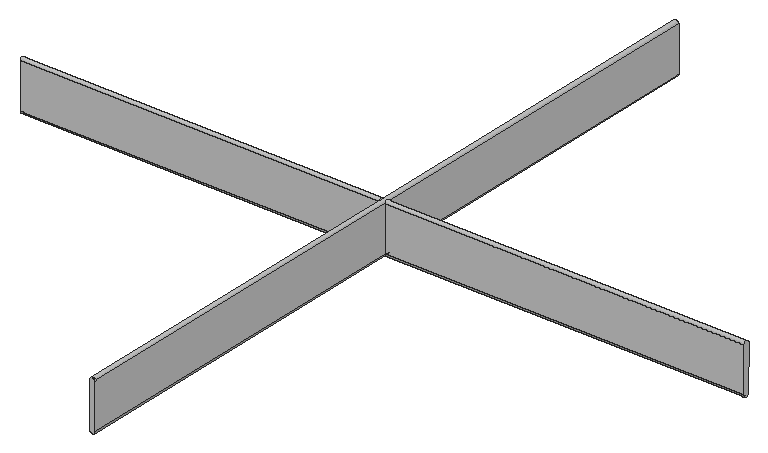
Revit family "Wall_Expansion_Joint-Emseal-Emshield-WFR3-(0.5-6-Inch)-Cross", category Specialty Equipment, host Face, Revit 2019
Family settings
  Host = Face
  Round Connector Dimension = Use Diameter
  Part Type = Normal
  OmniClass Number = 23.25.30.24
  OmniClass Title = Structural Walls
  Cut with Voids When Loaded = No
  Shared = No
  Room Calculation Point = No
Parameters (values of type "REFER TO TYPE CATALOG")
  Width = 0' - 0 1/2"
  Water Penetration of Curtain Wall By Uniform Static Air Pressure Difference (ASTM E331-00) = "No water penetration - 15 minute duration at 500 Delta-P(Pa), 1000 Delta-P(Pa),  and 5000 Delta-P(Pa)"  # constant formula
  URL = "http://www.emseal.com/"
  Tornado Resistance (Air Leakage) (ASTM E283) = "Tested to 200 mph with essentially no deflection"  # constant formula
  Top Length [instance] = 3' - 0"
  Thermal Conductivity (ASTM C518) = "0.9824 BTU*in/h*ft^2*F (0.1417 W/m*K)"  # constant formula
  Tensile Strength (ASTM D3574) = "21 psi min;  145 kPa"  # constant formula
  Temperature Range (ASTM C711) = "185°F (85°C) to -40°F (-40°C)"  # constant formula
  Standard Test Method For Structural Performance of Exterior Windows, Doors, Sylights and Curtain Walls by Uniform Static Air Pressure Difference (ASTM E330) = "1.9mm @ 4854Pa (200mph) 6-Inch width"  # constant formula
  Staining (ASTM C510) = "None"  # constant formula
  Seal Material Note = "WFR3 has a layer of Intumescent Sealant underneath the layers of silicone on both sides"  # constant formula
  Seal Material = Silicone - Sikasil WS-295
  STC Rating (Sound Transmission Class) (ASTM E90) = "STC 64 (in a STC 68 wall)"  # constant formula
  Right Length [instance] = 3' - 0"
  Rate of Air Leakage (ASTM E283) = "Passed"  # constant formula
  R Value Range (ASTM C518) = "1.03 per 1-inch (25mm) depth"  # constant formula
  Product data url = "http://www.emseal.com/Products/Architectural/EMSHIELD/EMSHIELD_WFR2_TD.pdf"
  Product Page URL = "http://www.emseal.com/Products/Architectural/EMSHIELD/EMSHIELD_WFR2.htm\r\nhttp://www.emseal.com/Products/Architectural/EMSHIELD/EMSHIELD_WFR2.htm"
  Product Documentation Link = "http://www.emseal.com/Products/Architectural/EMSHIELD/EMSHIELD_WFR2_TD.pdf"
  Pick Resistant = "No"  # constant formula
  OITC Rating (Outdoor/Indoor Transmission Class) = "OITC 52 (in a OITC 52 wall)"  # constant formula
  Number of Sticks Required [instance] = (Right Length + Left Length + Top Length + Bottom Length) / 6' 6 23/32"  # 1.8293
  Movement (of Nominal Material Size) = "+/- 25%"
  Model = "WFR3"
  Manufacturer = "Emseal"  # constant formula
  Left Length [instance] = 3' - 0"
  Host Thickness = 0' 0" - Depth  # -0' - 5"
  Fire Resistance and Movement Cycling Regime (UL 2079, ASTM E1966, ASTM E119, ASTM E1399) = "Passed"  # constant formula
  Fire Rating (Hours per UL2079) = "3"
  Fire Rated Movement Rating (UL2079) = "Class II, III"  # constant formula
  Durometer Hardness of Silicone Coating (ASTM D2240) = "Shore A: 15"  # constant formula
  Description = "Fire Rated, Watertight, Sound Dampening, Primary Seal for Interior and Exterior Wall Expansion Joints"  # constant formula
  Depth = 0' - 5"
  Default Elevation = 4' - 0"
  Bottom Length [instance] = 3' - 0"
  Assembly Code = "B2010"
  Air Permeability (ASTM E283-04) = "0.00017 L/(s-m²) @ 75 Delta-P(Pa) 0.00017 L(s-m²) @ 250 Delta-P(Pa)"  # constant formula
  ABAA Compliance = "YES"  # constant formula
Reference planes (in)
  plane 1 "Center (Front/Back)": y = 0
  plane 2: z = 0
  plane 3 "Center (Left/Right)": x = 0
  plane 4: y = 36.25
  plane 5: y = -36.25
  plane 6: x = -0.25
  plane 7: x = 0.25
  plane 8: z = -4
  plane 9: y = -0.25
  plane 10: y = 0.25
  plane 11: x = -36
  plane 12: x = 36
  plane 13 "MR": z = 3.75
Forms (in)
  Extrusion 1, void
    sketch origin (0, 0, 0) x (1, 0, 0) y (0, 1, 0)
      loop
        line (-0.25, -36.25) -> (0.25, -36.25) -> (0.25, 36.25) -> (-0.25, 36.25) -> (-0.25, -36.25)
    from -120 to 0
  Extrusion 2, void
    sketch origin (0, 0, 0) x (1, 0, 0) y (0, 1, 0)
      loop
        line (-36, -0.25) -> (36, -0.25) -> (36, 0.25) -> (-36, 0.25) -> (-36, -0.25)
    from -120 to 0
Lines and regions (in)
  symbolic lines, detail levels medium+fine
    curve 1: line (-0.25, 0.25, 3.75) -> (-0.25, -0.25, 3.75)
    curve 2: line (0.25, 0.25, 3.75) -> (0.25, -0.25, 3.75)
Dimensions and locks (in)
  equal spacing: plane 6, plane 3 "Center (Left/Right)", plane 7
  "Width": plane 6 to plane 7
  level to plane 8 = 0' - 4"
  equal spacing: plane 9, plane 1 "Center (Front/Back)", plane 10
  "Width": plane 10 to plane 9
  "Left Length": plane 11 to plane 3 "Center (Left/Right)"
  "Right Length": plane 3 "Center (Left/Right)" to plane 12
  "Bottom Length": plane 9 to plane 5
  "Top Length": plane 4 to plane 10
  aligned and locked: host face to plane 2
  aligned and locked: host face to level
  aligned and locked: Extrusion 1 sketch curve to plane 5
  aligned and locked: Extrusion 1 sketch curve to plane 7
  aligned and locked: Extrusion 1 sketch curve to plane 6
  aligned and locked: Extrusion 1 sketch curve to plane 4
  aligned and locked: plane 2 to Extrusion 1
  aligned and locked: Extrusion 2 sketch curve to plane 9
  aligned and locked: Extrusion 2 sketch curve to plane 10
  aligned and locked: Extrusion 2 sketch curve to plane 11
  aligned and locked: plane 12 to Extrusion 2
  aligned and locked: plane 9 to curve 2
  aligned and locked: plane 10 to curve 2
  aligned and locked: plane 10 to curve 1
  aligned and locked: plane 9 to curve 1
  aligned and locked: plane 4 to nested 1
  aligned and locked: plane 5 to nested 1
  aligned and locked: nested 3 to plane 7
  aligned and locked: nested 2 to plane 6
  aligned and locked: nested 2 to plane 11
  aligned and locked: nested 3 to plane 12
  aligned and locked: nested 2 to plane 1 "Center (Front/Back)"
  aligned and locked: nested 3 to plane 1 "Center (Front/Back)"
  aligned and locked: plane 3 "Center (Left/Right)" to nested 1
Automatic sketch dimensions
  host sketch curve to host sketch curve = 21' - 11.44583"
  host sketch curve to host sketch curve = 17' - 2.14829"
  plane 6 to Extrusion 2 sketch curve = 3' - 0 1/4"
  curve 2 to plane 7 = 0' - 0"
  curve 1 to plane 6 = 0' - 0"
Nested families (in)
  nested 1: "EmShield_WFR_Bellow_Facebased" at (0, 0, 0), Width <- "Width", Depth <- "Depth", Seal Material <- "Seal Material", type "WFR"
    with Width 0' - 0 1/2", Triple Bellow no, Single Bellow yes, Seal Material Silicone - Sikasil WS-295, Quad Bellow no, Pent Bellow no, Length 6' - 0 1/2", Depth 0' - 5", Calc Width Triple 0' - 1 1/2", Calc Width Single 0' - 0 1/2", Calc Width Quad 0' - 3 131/256", Calc Width Pent 0' - 4 1/2"
  nested 2: "EmShield_WFR_Bellow_Facebased" at (-18.125, 0, 0) x (0, 1, 0) z (0, 0, 1), Width <- "Width", Depth <- "Depth", Seal Material <- "Seal Material", type "WFR"
    with Width 0' - 0 1/2", Triple Bellow no, Single Bellow yes, Seal Material Silicone - Sikasil WS-295, Quad Bellow no, Pent Bellow no, Length 2' - 11 3/4", Depth 0' - 5", Calc Width Triple 0' - 1 1/2", Calc Width Single 0' - 0 1/2", Calc Width Quad 0' - 3 131/256", Calc Width Pent 0' - 4 1/2"
  nested 3: "EmShield_WFR_Bellow_Facebased" at (18.125, 0, 0) x (0, 1, 0) z (0, 0, 1), Width <- "Width", Depth <- "Depth", Seal Material <- "Seal Material", type "WFR"
    with Width 0' - 0 1/2", Triple Bellow no, Single Bellow yes, Seal Material Silicone - Sikasil WS-295, Quad Bellow no, Pent Bellow no, Length 2' - 11 3/4", Depth 0' - 5", Calc Width Triple 0' - 1 1/2", Calc Width Single 0' - 0 1/2", Calc Width Quad 0' - 3 131/256", Calc Width Pent 0' - 4 1/2"
Definition of nested family "EmShield_WFR_Bellow_Facebased"
  Parameters
    Width [instance] = 0' - 4 3/4"
    Triple Bellow [instance] = and(Width > 0' 1 125/256", Width < 0' 3 131/256")  # no
    Single Bellow [instance] = Width < 0' 1 67/256"  # no
    Seal Material [instance] = none
    Quad Bellow [instance] = and(Width > 0' 3 189/256", Width < 0' 4 131/256")  # no
    Pent Bellow [instance] = and(Width > 0' 4 189/256", Width < 0' 6 3/256")  # yes
    Length [instance] = 7' - 0"
    Depth [instance] = 0' - 4"
    Default Elevation = 4' - 0"
    Calc Width Triple [instance] = if(or(Width > 0' 3 131/256", Width < 0' 1 125/256"), 0' 1 1/2", Width)  # 0' - 1 1/2"
    Calc Width Single [instance] = if(Width > 0' 1 67/256", 0' 1 67/256", Width)  # 0' - 1 67/256"
    Calc Width Quad [instance] = if(or(Width > 0' 4 131/256", Width < 0' 3 189/256"), 0' 3 131/256", Width)  # 0' - 3 131/256"
    Calc Width Pent [instance] = if(or(Width > 0' 6 3/256", Width < 0' 4 125/256"), 0' 4 1/2", Width)  # 0' - 4 3/4"
  Reference planes (in)
    plane 1 "Center (Front/Back)": y = 0
    plane 2: z = 0
    plane 3 "Center (Left/Right)": x = 0
    plane 4: y = 42
    plane 5: y = -42
    plane 6: x = -0.75
    plane 7: x = 0.75
    plane 8: z = -4
    plane 9: x = -0.87793
    plane 10: x = 0.87793
    plane 11: x = -0.25
    plane 12: x = 0.25
    plane 13: x = -1.75586
    plane 14: x = 1.75586
    plane 15: x = -0.63086
    plane 16: x = 0.63086
    plane 17: x = -2.375
    plane 18: x = 2.375
    plane 19: x = -5.625
    plane 20: x = 5.875
    plane 21: x = -1.425
    plane 22: x = -0.475
    plane 23: x = 0.475
    plane 24: x = -2.375
    plane 25: x = 2.375
    plane 26: x = 1.425
  Forms (in)
    Extrusion 1, solid
      sketch origin (0, 0, 0) x (1, 0, 0) y (0, 1, 0)
        loop
          line (-48, 48) -> (-48, -48) -> (48, -48) -> (48, 48) -> (-48, 48)
      from 0 to -12
    Extrusion 2, solid, material <- "Seal Material", visible <- "Quad Bellow", detail levels medium+fine
      sketch origin (0, 0, 0) x (1, 0, 0) y (0, 0, 1)
        loop
          line (1.75586, -3.56106) -> (1.75586, -0.43896)
          arc (1.75586, -0.43896) -> (1.31689, 0) -> (0.87793, -0.43896) r 0.43896
          arc (0.87793, -0.43896) -> (0.43896, 0) -> (0, -0.43896) r 0.43896
          arc (0, -0.43896) -> (-0.43896, 0) -> (-0.87793, -0.43896) r 0.43896
          arc (-0.87793, -0.43896) -> (-1.31689, 0) -> (-1.75586, -0.43896) r 0.43896
          line (-1.75586, -0.43896) -> (-1.75586, -3.56106)
          arc (-1.75586, -3.56106) -> (-1.31689, -4.00002) -> (-0.87793, -3.56106) r 0.43896
          arc (-0.87793, -3.56106) -> (-0.43896, -4.00002) -> (0, -3.56106) r 0.43896
          arc (0, -3.56106) -> (0.43896, -4.00002) -> (0.87793, -3.56106) r 0.43896
          arc (0.87793, -3.56106) -> (1.31689, -4.00002) -> (1.75586, -3.56106) r 0.43896
      from -42 to 42
    Extrusion 3, solid, material <- "Seal Material", visible <- "Triple Bellow", detail levels medium+fine
      sketch origin (0, 0, 0) x (1, 0, 0) y (0, 0, 1)
        loop
          line (-0.75, -0.25) -> (-0.75, -3.75)
          arc (-0.75, -3.75) -> (-0.5, -4) -> (-0.25, -3.75) r 0.25
          arc (-0.25, -3.75) -> (0, -4) -> (0.25, -3.75) r 0.25
          arc (0.25, -3.75) -> (0.5, -4) -> (0.75, -3.75) r 0.25
          line (0.75, -3.75) -> (0.75, -0.25)
          arc (0.75, -0.25) -> (0.5, 0) -> (0.25, -0.25) r 0.25
          arc (0.25, -0.25) -> (0, 0) -> (-0.25, -0.25) r 0.25
          arc (-0.25, -0.25) -> (-0.5, 0) -> (-0.75, -0.25) r 0.25
      from -42 to 42
    Extrusion 4, solid, material <- "Seal Material", visible <- "Single Bellow", detail levels medium+fine
      sketch origin (0, 0, 0) x (1, 0, 0) y (0, 0, 1)
        loop
          line (-0.63086, -0.63086) -> (-0.63086, -3.36914)
          arc (-0.63086, -3.36914) -> (0, -4) -> (0.63086, -3.36914) r 0.63086
          line (0.63086, -3.36914) -> (0.63086, -0.63086)
          arc (0.63086, -0.63086) -> (0, 0) -> (-0.63086, -0.63086) r 0.63086
      from -42 to 42
    Extrusion 5, solid, material <- "Seal Material", detail levels coarse
      sketch origin (0, 0, 0) x (1, 0, 0) y (0, 0, 1)
        loop
          line (2.375, -4) -> (2.375, 0) -> (-2.375, 0) -> (-2.375, -4) -> (2.375, -4)
      from -42 to 42
    Extrusion 6, solid, material <- "Seal Material", visible <- "Pent Bellow", detail levels medium+fine
      sketch origin (0, 0, 0) x (1, 0, 0) y (0, 0, 1)
        loop
          line (-2.375, -0.475) -> (-2.375, -3.52513)
          arc (-2.375, -3.52513) -> (-1.9, -4.00013) -> (-1.425, -3.52513) r 0.475
          arc (-1.425, -3.52513) -> (-0.95, -4.00013) -> (-0.475, -3.52513) r 0.475
          arc (-0.475, -3.52513) -> (0, -4.00013) -> (0.475, -3.52513) r 0.475
          arc (0.475, -3.52513) -> (0.95, -4.00013) -> (1.425, -3.52513) r 0.475
          arc (1.425, -3.52513) -> (1.9, -4.00013) -> (2.375, -3.52513) r 0.475
          line (2.375, -3.52513) -> (2.375, -0.475)
          arc (2.375, -0.475) -> (1.9, 0) -> (1.425, -0.475) r 0.475
          arc (1.425, -0.475) -> (0.95, 0) -> (0.475, -0.475) r 0.475
          arc (0.475, -0.475) -> (0, 0) -> (-0.475, -0.475) r 0.475
          arc (-0.475, -0.475) -> (-0.95, 0) -> (-1.425, -0.475) r 0.475
          arc (-1.425, -0.475) -> (-1.9, 0) -> (-2.375, -0.475) r 0.475
      from -42 to 42
  Lines and regions (in)
    Masking region 1
      outline origin (0, 0, 2.62265) x (-1, 0, 0) y (0, -1, 0)
        loop
          line (2.375, -42) -> (2.375, 42) -> (-2.375, 42) -> (-2.375, -42) -> (2.375, -42)
    Masking region 2, detail levels coarse
      outline origin (0, 0, 0) x (1, 0, 0) y (0, 0, 1)
        loop
          line (2.375, 0) -> (-2.375, 0) -> (-2.375, -4) -> (2.375, -4) -> (2.375, 0)
    Masking region 3, visible <- "Pent Bellow", detail levels medium+fine
      outline origin (0, 0, 0) x (1, 0, 0) y (0, 0, 1)
        loop
          arc (-1.425, -0.475) -> (-1.9, 0) -> (-2.375, -0.475) r 0.475
          line (-2.375, -0.475) -> (-2.375, -3.52513)
          arc (-2.375, -3.52513) -> (-1.9, -4.00013) -> (-1.425, -3.52513) r 0.475
          arc (-1.425, -3.52513) -> (-0.95, -4.00013) -> (-0.475, -3.52513) r 0.475
          arc (-0.475, -3.52513) -> (0, -4.00013) -> (0.475, -3.52513) r 0.475
          arc (0.475, -3.52513) -> (0.95, -4.00013) -> (1.425, -3.52513) r 0.475
          arc (1.425, -3.52513) -> (1.9, -4.00013) -> (2.375, -3.52513) r 0.475
          line (2.375, -3.52513) -> (2.375, -0.475)
          arc (2.375, -0.475) -> (1.9, 0) -> (1.425, -0.475) r 0.475
          arc (1.425, -0.475) -> (0.95, 0) -> (0.475, -0.475) r 0.475
          arc (0.475, -0.475) -> (0, 0) -> (-0.475, -0.475) r 0.475
          arc (-0.475, -0.475) -> (-0.95, 0) -> (-1.425, -0.475) r 0.475
    Masking region 4, visible <- "Quad Bellow", detail levels medium+fine
      outline origin (0, 0, 0) x (1, 0, 0) y (0, 0, 1)
        loop
          line (-1.75586, -0.43896) -> (-1.75586, -3.56106)
          arc (-1.75586, -3.56106) -> (-1.31689, -4.00002) -> (-0.87793, -3.56106) r 0.43896
          arc (-0.87793, -3.56106) -> (-0.43896, -4.00002) -> (0, -3.56106) r 0.43896
          arc (0, -3.56106) -> (0.43896, -4.00002) -> (0.87793, -3.56106) r 0.43896
          arc (0.87793, -3.56106) -> (1.31689, -4.00002) -> (1.75586, -3.56106) r 0.43896
          line (1.75586, -3.56106) -> (1.75586, -0.43896)
          arc (1.75586, -0.43896) -> (1.31689, 0) -> (0.87793, -0.43896) r 0.43896
          arc (0.87793, -0.43896) -> (0.43896, 0) -> (0, -0.43896) r 0.43896
          arc (0, -0.43896) -> (-0.43896, 0) -> (-0.87793, -0.43896) r 0.43896
          arc (-0.87793, -0.43896) -> (-1.31689, 0) -> (-1.75586, -0.43896) r 0.43896
    Masking region 5, visible <- "Single Bellow", detail levels medium+fine
      outline origin (0, 0, 0) x (1, 0, 0) y (0, 0, 1)
        loop
          arc (0.63086, -0.63086) -> (0, 0) -> (-0.63086, -0.63086) r 0.63086
          line (-0.63086, -0.63086) -> (-0.63086, -3.36914)
          arc (-0.63086, -3.36914) -> (0, -4) -> (0.63086, -3.36914) r 0.63086
          line (0.63086, -3.36914) -> (0.63086, -0.63086)
    Masking region 6, visible <- "Triple Bellow", detail levels medium+fine
      outline origin (0, 0, 0) x (1, 0, 0) y (0, 0, 1)
        loop
          arc (-0.25, -3.75) -> (0, -4) -> (0.25, -3.75) r 0.25
          arc (0.25, -3.75) -> (0.5, -4) -> (0.75, -3.75) r 0.25
          line (0.75, -3.75) -> (0.75, -0.25)
          arc (0.75, -0.25) -> (0.5, 0) -> (0.25, -0.25) r 0.25
          arc (0.25, -0.25) -> (0, 0) -> (-0.25, -0.25) r 0.25
          arc (-0.25, -0.25) -> (-0.5, 0) -> (-0.75, -0.25) r 0.25
          line (-0.75, -0.25) -> (-0.75, -3.75)
          arc (-0.75, -3.75) -> (-0.5, -4) -> (-0.25, -3.75) r 0.25
    Masking region 7
      outline origin (0, 0, 0) x (0, 1, 0) y (0, 0, 1)
        loop
          line (42, -4) -> (42, 0) -> (-42, 0) -> (-42, -4) -> (42, -4)
    symbolic lines, visible <- "Quad Bellow", detail levels medium+fine
      curve 1: line (-0.87793, 42, 2.62265) -> (-0.87793, -42, 2.62265)
      curve 2: line (0.87793, 42, 2.62265) -> (0.87793, -42, 2.62265)
      curve 3: line (0, 42, 2.62265) -> (0, -42, 2.62265)
    symbolic lines, visible <- "Triple Bellow", detail levels medium+fine
      curve 4: line (-0.25, 42, 0) -> (-0.25, -42, 0)
      curve 5: line (0.25, 42, 0) -> (0.25, -42, 0)
    symbolic lines, visible <- "Pent Bellow", detail levels medium+fine
      curve 6: line (-1.425, 42, 0) -> (-1.425, -42, 0)
      curve 7: line (-0.475, 42, 0) -> (-0.475, -42, 0)
      curve 8: line (0.475, 42, 0) -> (0.475, -42, 0)
      curve 9: line (1.425, 42, 0) -> (1.425, -42, 0)
  Dimensions and locks (in)
    "Length": plane 4 to plane 5
    equal spacing: plane 6, plane 3 "Center (Left/Right)", plane 7
    "Depth": level to plane 8
    plane 8 to Extrusion 2 sketch curve to Extrusion 2 sketch curve to Extrusion 2 sketch curve to Extrusion 2 sketch curve = 0' - 0.00002" locked, 0' - 0" locked, 0' - 0" locked, 0' - 0" locked
    Extrusion 2 sketch curve to Extrusion 2 sketch curve to Extrusion 2 sketch curve to Extrusion 2 sketch curve to plane 2 = 0' - 0" locked, 0' - 0" locked, 0' - 0" locked, 0' - 0" locked
    equal spacing: plane 4, plane 1 "Center (Front/Back)", plane 5
    plane 8 to Extrusion 3 sketch curve to Extrusion 3 sketch curve to Extrusion 3 sketch curve = 0' - 0" locked, 0' - 0" locked, 0' - 0" locked
    plane 2 to Extrusion 3 sketch curve to Extrusion 3 sketch curve to Extrusion 3 sketch curve = 0' - 0" locked, 0' - 0" locked, 0' - 0" locked
    equal spacing: plane 7, plane 12, plane 11, plane 6
    "Calc Width Triple": plane 7 to plane 6
    equal spacing: plane 14, plane 10, plane 3 "Center (Left/Right)", plane 9, plane 13
    "Calc Width Quad": plane 14 to plane 13
    equal spacing: plane 16, plane 3 "Center (Left/Right)", plane 15
    "Calc Width Single": plane 16 to plane 15
    locked: plane 8 to Extrusion 4 sketch curve at 0
    locked: plane 2 to Extrusion 4 sketch curve at 0
    equal spacing: plane 18, plane 3 "Center (Left/Right)", plane 17
    "Width": plane 18 to plane 17
    locked: plane 19 to plane 17 at 3.25
    locked: plane 18 to plane 20 at 3.5
    equal spacing: plane 25, plane 3 "Center (Left/Right)", plane 24
    "Calc Width Pent": plane 25 to plane 24
    equal spacing: plane 25, plane 26, plane 23, plane 22, plane 21, plane 24
    plane 8 to Extrusion 6 sketch curve to Extrusion 6 sketch curve to Extrusion 6 sketch curve to Extrusion 6 sketch curve to Extrusion 6 sketch curve = 0' - 0.00013" locked, 0' - 0" locked, 0' - 0" locked, 0' - 0" locked, 0' - 0" locked
    plane 2 to Extrusion 6 sketch curve to Extrusion 6 sketch curve to Extrusion 6 sketch curve to Extrusion 6 sketch curve to Extrusion 6 sketch curve = 0' - 0" locked, 0' - 0" locked, 0' - 0" locked, 0' - 0" locked, 0' - 0" locked
    aligned and locked: plane 2 to Extrusion 1
    aligned and locked: level to Extrusion 1
    aligned and locked: Masking region 1 sketch curve to plane 4
    aligned and locked: Masking region 1 sketch curve to plane 5
    aligned and locked: plane 5 to curve 1
    aligned and locked: plane 5 to curve 2
    aligned and locked: plane 4 to curve 2
    aligned and locked: plane 4 to curve 1
    aligned and locked: curve 3 to plane 3 "Center (Left/Right)"
    aligned and locked: plane 10 to Extrusion 2 sketch curve  (x2)
    aligned and locked: plane 3 "Center (Left/Right)" to Extrusion 2 sketch curve  (x2)
    aligned and locked: plane 9 to Extrusion 2 sketch curve  (x2)
    aligned and locked: Extrusion 2 to plane 5
    aligned and locked: plane 4 to Extrusion 2
    aligned and locked: plane 6 to Extrusion 3 sketch curve
    aligned and locked: plane 7 to Extrusion 3 sketch curve
    aligned and locked: plane 12 to Extrusion 3 sketch curve  (x2)
    aligned and locked: plane 11 to Extrusion 3 sketch curve  (x2)
    aligned and locked: plane 13 to Extrusion 2 sketch curve
    aligned and locked: Extrusion 2 sketch curve to plane 14
    aligned and locked: plane 15 to Extrusion 4 sketch curve
    aligned and locked: plane 16 to Extrusion 4 sketch curve
    aligned and locked: Extrusion 5 sketch curve to plane 8
    aligned and locked: Extrusion 5 sketch curve to plane 2
    aligned and locked: Extrusion 5 sketch curve to plane 17
    aligned and locked: Extrusion 5 sketch curve to plane 18
    aligned and locked: Extrusion 5 to plane 5
    aligned and locked: Extrusion 4 to plane 5
    aligned and locked: Extrusion 3 to plane 5
    aligned and locked: plane 4 to Extrusion 5
    aligned and locked: plane 4 to Extrusion 4
    aligned and locked: plane 4 to Extrusion 3
    aligned and locked: curve 4 to plane 11
    aligned and locked: curve 5 to plane 12
    aligned and locked: Masking region 1 sketch curve to plane 17
    aligned and locked: plane 18 to Masking region 1 sketch curve
    aligned and locked: plane 24 to Extrusion 6 sketch curve
    aligned and locked: plane 25 to Extrusion 6 sketch curve
    aligned and locked: plane 21 to Extrusion 6 sketch curve  (x2)
    aligned and locked: plane 22 to Extrusion 6 sketch curve  (x2)
    aligned and locked: plane 23 to Extrusion 6 sketch curve  (x2)
    aligned and locked: plane 26 to Extrusion 6 sketch curve  (x2)
    aligned and locked: Extrusion 6 to plane 5
    aligned and locked: plane 4 to Extrusion 6
    aligned and locked: curve 6 to plane 21
    aligned and locked: curve 7 to plane 22
    aligned and locked: curve 8 to plane 23
    aligned and locked: curve 9 to plane 26
    aligned and locked: Masking region 2 sketch curve to Extrusion 5  (x4)
    aligned and locked: Masking region 3 sketch curve to Extrusion 6  (x10)
    aligned and locked: Masking region 4 sketch curve to Extrusion 2  (x8)
    aligned and locked: Masking region 5 sketch curve to Extrusion 4  (x2)
    aligned and locked: Masking region 6 sketch curve to Extrusion 3  (x6)
    aligned and locked: plane 4 to Masking region 7 sketch curve
    aligned and locked: plane 5 to Masking region 7 sketch curve
    aligned and locked: plane 8 to Masking region 7 sketch curve
    aligned and locked: level to Masking region 7 sketch curve
  Automatic sketch dimensions
    Extrusion 1 sketch curve to Extrusion 1 sketch curve = 8' - 0"  (x2)
    curve 3 to plane 4 = 0' - 0"
    curve 3 to plane 5 = 0' - 0"
    curve 2 to plane 10 = 0' - 0"
    curve 1 to plane 9 = 0' - 0"
    Extrusion 3 sketch curve to Extrusion 3 sketch curve = 0' - 0"
    curve 4 to plane 5 = 0' - 0"
    curve 5 to plane 5 = 0' - 0"
    curve 5 to plane 4 = 0' - 0"
    curve 4 to plane 4 = 0' - 0"
    curve 6 to plane 5 = 0' - 0"
    plane 4 to curve 6 = 0' - 0"
    curve 7 to curve 6 = 0' - 0"
    curve 6 to curve 7 = 0' - 0"
    curve 8 to curve 7 = 0' - 0"
    curve 7 to curve 8 = 0' - 0"
    curve 9 to curve 8 = 0' - 0"
    curve 8 to curve 9 = 0' - 0"
